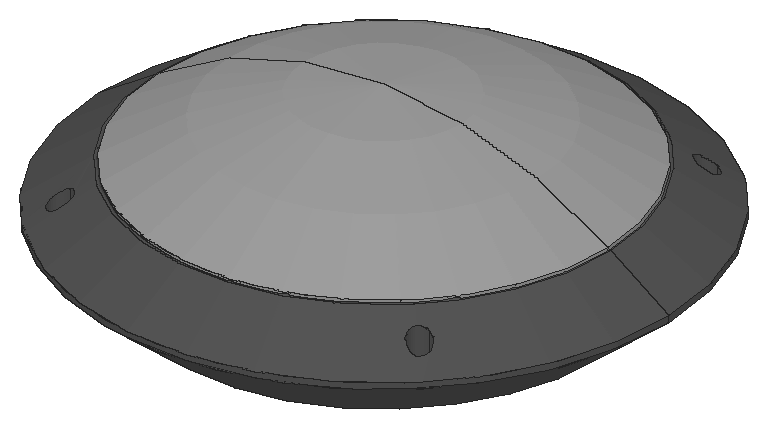
Revit family "49249", category Lighting Fixtures, host Face, Revit 2018
Family settings
  Host = Face
  Round Connector Dimension = Use Diameter
  Part Type = Normal
  OmniClass Number = 23.80.70.00
  OmniClass Title = Lighting
  Cut with Voids When Loaded = No
  Light Source = Yes
  Shared = No
  Room Calculation Point = No
Parameters (values of type "0049249 START SURFACE IP66 1450LM 830 DA EM3 WHT")
  Weight = "n/a"
  Wattage Comments = ""
  Wattage = 12 W
  WarrantyStartDate [instance] = "n/a"
  WarrantyGuarantorParts = "n/a"
  WarrantyDurationUnit = "n/a"
  WarrantyDurationParts = ""
  WarrantyDescription = "http://www.sylvania-lighting.com"
  built-in parameter 1150110 = 1 (stored number, unit not read)
  Voltage = 0 V
  URL = "1"
  TypeName = "START SURFACE IP66 1450LM 830 IK10 DALI EM3 WHT"
  Type Image = <None>
  Type Comments = "n/a"
  built-in parameter 1114217 = 1 (stored number, unit not read)
  Tilt Angle = -90.00°
  built-in parameter 1150109 = 1 (stored number, unit not read)
  built-in parameter 1150134 = (empty or 0)
  built-in parameter 1150113 = 1 (stored number, unit not read)
  SerialNumber [instance] = "n/a"
  Photometric Web File = "0049249.ies"
  Material_3_SYL = LED-Sylvania-StartSurfaceIP66
  PowerFactor = 0
  PowerConsumption = "Lighting"
  NominalLength = 300 mm
  NominalHeight = 90 mm
  NominalDepth = 300 mm
  Name = "START SURFACE IP66 1450LM 830 IK10 DALI EM3 WHT"
  ModelReference = Name  # "START SURFACE IP66 1450LM 830 IK10 DALI EM3 WHT"
  ModelNumber = "0049249"
  Model = Name  # "START SURFACE IP66 1450LM 830 IK10 DALI EM3 WHT"
  Material = "Feilo Sylvania"
  ManufacturerName = "107 lm/W"
  Manufacturer = ""
  LuminousEfficacy = ""
  built-in parameter 1150105 = 84.034 (stored number, unit not read)
  Lumens = 1056 lm
  LuminaireType = "0"
  built-in parameter 1150115 = 1 (stored number, unit not read)
  LightOutputRatio = "LED"
  built-in parameter 1150137 = (empty or 0)
  built-in parameter 1150139 = (empty or 0)
  LampsType = Lamp  # "n/a"
  LampNominalLuminous = "3000 K"
  LampMacAdamStep = "80"
  LampColourTemperature = "LED"
  LampColourRenderingIndex = "16500"
  built-in parameter 1150112 = 1 (stored number, unit not read)
  built-in parameter 1150114 = 1 (stored number, unit not read)
  Lamp = "n/a"
  Keynote = "n/a"
  InstallationDate [instance] = "n/a"
  InputVoltage = "0"
  InputNominalFrequency = "3000"
  built-in parameter 1150132 = (empty or 0)
  built-in parameter 1150102 = (empty or 0)
  built-in parameter 1150107 = 3000 (stored number, unit not read)
  built-in parameter 1150138 = (empty or 0)
  IngressProtection = "IfcLightFixtureType"
  ImpactProtectionIndex = "IfcLightFixtureType"
  built-in parameter 1150106 = 0.84034 (stored number, unit not read)
  IfcExportType = "IfcLightFixtureType"
  IfcExportAs = "Class II"
  HoleRad_SYL = 134 mm
  HoleHoleRad_SYL = 6 mm
  HoleAngle_SYL = 45.00°
  Eyelid_SYL [instance] = no
  ExpectedLife = 50000
  Emit from Circle Diameter = 200 mm
  Emit Shape Visible in Rendering = no
  ElectricShockClassification = "107"
  built-in parameter 1150104 = 8.1755 (stored number, unit not read)
  DurationUnit = "hours"
  DocumentationLiterature = "http://www.sylvania-lighting.com/product/en-int/products/0049249"
  DimmingControlOptions = "n/a"
  Material_2_SYL = Diffuser-Sylvania-StartSurfaceIP66
  Dimming Lamp Color Temperature Shift = <None>
  Description = "LED exterior surface mounted luminaire, 350mm diameter, 1450lm as max. lumen output, 15W max. power consumption, 97lm/W efficacy, 3000K color temperature, CRI80, IP66, IK10, 60,000 hours (L70), white housing, vandal resistant. DALI and DALI 2 dimming compatibility. Integrated emergency, 3 hours, supplied with anti-theft screws"
  Default Elevation = 1219.2 mm
  CreatedOn = "21/12/2022"
  CreatedBy = "@sylvania-lighting.com"
  Cost = 0
  Color Filter = 16777215
  built-in parameter 1114216 [instance] = (empty or 0)
  ClassificationValue = "EF_70_80"
  ClassificationName = "Uniclass2015"
  Material_1_SYL = Body-Sylvania-StartSurfaceIP66-Black
  BarCode [instance] = "n/a"
  built-in parameter 1114218 = 1 (stored number, unit not read)
  built-in parameter 1150133 = 10 (stored number, unit not read)
  AssetType = "Fixed"
  AssetIdentifier [instance] = "n/a"
  Assembly Code = "D5020200"
  Apparent Load = 14 VA
Reference planes
  plane 1 "Center (Front/Back)": y = 0
  plane 2: z = 0
  plane 3 "Center (Left/Right)": x = 0
  plane 4: x = 150
  plane 5: x = -150
  plane 6: z = 90
  plane 7: z = 30
  plane 8: z = 54
  plane 9: x = -113
  plane 10: x = 113
  plane 11: x = -118
  plane 12: z = 33
  plane 13: z = 51
  plane 14: z = 87
  plane 15: z = 92
  plane 16: x = -148
  plane 17: y = -13
Forms (mm)
  Revolve 1, solid, material "Diffuser-Sylvania-StartSurfaceIP66" <- "Material_2_SYL"
    sketch origin (0, 0, 0) x (1, 0, 0) y (0, 0, 1)
      loop
        arc (0, 90) -> (-61.685, 80.8) -> (-118, 54) r 211.389
        line (-118, 54) -> (-118, 51) -> (-117.081, 51)
        arc (-117.081, 51) -> (-61.245, 77.797) -> (0, 87) r 208.389
        line (0, 87) -> (0, 90)
      axis (0, 90) -> (0, 51)
    angle from 360 to 0
  Revolve 2, solid, material "Body-Sylvania-StartSurfaceIP66-Black" <- "Material_1_SYL"
    sketch origin (0, 0, 0) x (1, 0, 0) y (0, 0, 1)
      loop
        line (0, 0) -> (0, 33) -> (-118, 33) -> (-118, 52.116)
        arc (-118, 52.116) -> (-118.529, 53.009) -> (-119.566, 52.973) r 1.017
        line (-119.566, 52.973) -> (-150, 33) -> (-150, 30) -> (-113, 0) -> (0, 0)
      axis (0, 52.973) -> (0, 0)
    angle from 360 to 0
  Extrusion 3, void
    sketch origin (-1534.635, -4572, 33) x (0, -1, 0) y (-1, 0, 0)
      loop
        circle (-4666.752, -1439.882) r 6
      loop
        circle (-4666.752, -1629.387) r 6
      loop
        circle (-4477.248, -1439.882) r 6
      loop
        circle (-4477.248, -1629.387) r 6
    from -18 to 0
  Revolve 4, solid, material "Body-Sylvania-StartSurfaceIP66-Black" <- "Material_1_SYL", visible <- "Eyelid_SYL"
    sketch origin (0, 0, 0) x (1, 0, 0) y (0, 0, 1)
      loop
        line (0, 90) -> (0, 92)
        arc (0, 92) -> (-79.423, 77.068) -> (-148, 34.313) r 218.694
        line (-148, 34.313) -> (-118, 54)
        arc (-118, 54) -> (-61.685, 80.8) -> (0, 90) r 211.389
      axis (0, 92) -> (0, 34.313)
    angle from 360 to 0
  Extrusion 5, void
    sketch origin (-1534.635, -4572, 33) x (0, -1, 0) y (-1, 0, 0)
      loop
        line (-4367.393, -1384.635) -> (-4559, -1384.635)
        arc (-4559, -1384.635) -> (-4572, -1534.635) -> (-4559, -1684.635) r 871.885
        line (-4559, -1684.635) -> (-4367.393, -1684.635) -> (-4367.393, -1384.635)
    from -82.978 to 19.568
Cuts and joins
  Extrusion 3 cuts Revolve 2
  Extrusion 3, Extrusion 5 cuts Revolve 4
Lines and regions (mm)
  reference lines
    curve 1: line (-150, 0, 33) -> (-118, 0, 54)
    curve 2: circle (0, 0, 0) r 134 normal (0, 0, 1)
    curve 3: line (0, 0, 0) -> (-94.752, 94.752, 0)
    curve 4: line (0, 0, 0) -> (94.752, 94.752, 0)
    curve 5: line (0, 0, 0) -> (-94.752, -94.752, 0)
    curve 6: line (0, 0, 0) -> (94.752, -94.752, 0)
Dimensions and locks
  locked: plane 6 to plane 2 at 90
  plane 8 to plane 7 to plane 2 = 24 mm locked, 30 mm locked
  equal spacing: plane 4, plane 3 "Center (Left/Right)", plane 5
  locked: plane 4 to plane 5 at 300
  equal spacing: plane 10, plane 3 "Center (Left/Right)", plane 9
  locked: plane 9 to plane 5 at 37
  locked: plane 9 to plane 11 at 5
  locked: plane 12 to plane 7 at 3
  locked: plane 8 to plane 13 at 3
  locked: plane 6 to plane 14 at 3
  locked: plane 15 to plane 6 at 2
  locked: plane 16 to plane 5 at 2
  locked: plane 17 to plane 1 "Center (Front/Back)" at 13
  "HoleRad_SYL": radius of curve 2
  "HoleHoleRad_SYL": radius of Extrusion 3 sketch curve  (x4)
  "HoleAngle_SYL": angle curve 3 to plane 1 "Center (Front/Back)"
  "HoleAngle_SYL": angle plane 1 "Center (Front/Back)" to curve 4
  "HoleAngle_SYL": angle plane 1 "Center (Front/Back)" to curve 5
  "HoleAngle_SYL": angle curve 6 to plane 1 "Center (Front/Back)"
  aligned and locked: plane 2 to host face
  aligned and locked: level to host face
  aligned and locked: plane 5 to curve 1
  aligned and locked: plane 11 to curve 1
  aligned and locked: Revolve 1 sketch curve to plane 3 "Center (Left/Right)"
  aligned and locked: curve 1 to Revolve 1 sketch curve
  aligned and locked: plane 6 to Revolve 1 sketch curve
  aligned and locked: plane 3 "Center (Left/Right)" to Revolve 1 sketch curve  (x2)
  aligned and locked: plane 11 to Revolve 1 sketch curve  (x2)
  aligned and locked: plane 13 to Revolve 1 sketch curve  (x2)
  aligned and locked: plane 14 to Revolve 1 sketch curve
  aligned and locked: Revolve 2 sketch curve to plane 3 "Center (Left/Right)"  (x2)
  aligned and locked: level to Revolve 2 sketch curve
  aligned and locked: plane 5 to Revolve 2 sketch curve
  aligned and locked: Revolve 2 sketch curve to curve 1
  aligned and locked: plane 3 "Center (Left/Right)" to curve 3
  aligned and locked: plane 13 to Extrusion 3
  aligned and locked: Extrusion 3 to plane 12
  aligned and locked: Revolve 2 sketch curve to plane 12
  aligned and locked: Revolve 4 sketch curve to plane 3 "Center (Left/Right)"  (x2)
  aligned and locked: Revolve 1 to Revolve 4 sketch curve
  aligned and locked: Revolve 4 sketch curve to curve 1
  aligned and locked: plane 11 to Revolve 4 sketch curve
  aligned and locked: plane 16 to Revolve 4 sketch curve
  aligned and locked: plane 15 to Revolve 4 sketch curve
  aligned and locked: plane 4 to Extrusion 5
  aligned and locked: Extrusion 5 to plane 5
  aligned and locked: plane 3 "Center (Left/Right)" to imposter light
  aligned and locked: imposter light to plane 1 "Center (Front/Back)"
  aligned and locked: plane 8 to imposter light
Automatic sketch dimensions
  host sketch curve to host sketch curve = 600 mm  (x2)
  curve 1 to plane 8 = 0 mm
  curve 1 to plane 12 = 0 mm
  Revolve 1 sketch curve to Revolve 1 sketch curve = 0 mm
  Revolve 1 sketch curve to Revolve 1 sketch curve = 488.211 mm
  Revolve 1 sketch curve to Revolve 1 sketch curve = 2519.058 mm
  plane 1 "Center (Front/Back)" to curve 2 = 0 mm
  curve 2 to plane 3 "Center (Left/Right)" = 0 mm
  plane 1 "Center (Front/Back)" to curve 4 = 0 mm
  Extrusion 3 sketch curve to plane 10 = 18.248 mm  (x2)
  Extrusion 3 sketch curve to plane 1 "Center (Front/Back)" = 94.752 mm  (x2)
  plane 9 to Extrusion 3 sketch curve = 18.248 mm  (x2)
  plane 1 "Center (Front/Back)" to Extrusion 3 sketch curve = 94.752 mm  (x2)
  Revolve 2 sketch curve to plane 9 = 0 mm
  Revolve 2 sketch curve to plane 7 = 0 mm
  Revolve 2 sketch curve to plane 8 = 1.027 mm
  Revolve 2 sketch curve to Revolve 2 sketch curve = 0.549 mm
  Revolve 2 sketch curve to level = 609.6 mm
  plane 6 to Revolve 2 sketch curve = 2519.058 mm
  Revolve 2 sketch curve to plane 11 = 0 mm
  Revolve 4 sketch curve to plane 6 = 0 mm
  Revolve 4 sketch curve to Revolve 4 sketch curve = 482.906 mm
  Revolve 4 sketch curve to Revolve 4 sketch curve = 2517.058 mm
  Extrusion 5 sketch curve to plane 5 = 0 mm
  Extrusion 5 sketch curve to plane 4 = 0 mm
  plane 17 to Extrusion 5 sketch curve = 191.607 mm
  Extrusion 5 sketch curve to Extrusion 5 sketch curve = 667.277 mm
  plane 17 to Extrusion 5 sketch curve = 0 mm  (x2)
Connectors
  electrical at (0, 0, 0), driven by "Apparent Load", driven by "PowerFactor", driven by "Voltage"
    settings: index 1, voltage 0 V, apparent load 14 VA, apparent load phase1 0 VA, apparent load phase2 0 VA, apparent load phase3 0 VA, power factor 0, load classification "Lighting", number of poles 1, system type 30, power factor state 1, is connector primary yes, connector utility no, sub classification motor no, connector description ""
